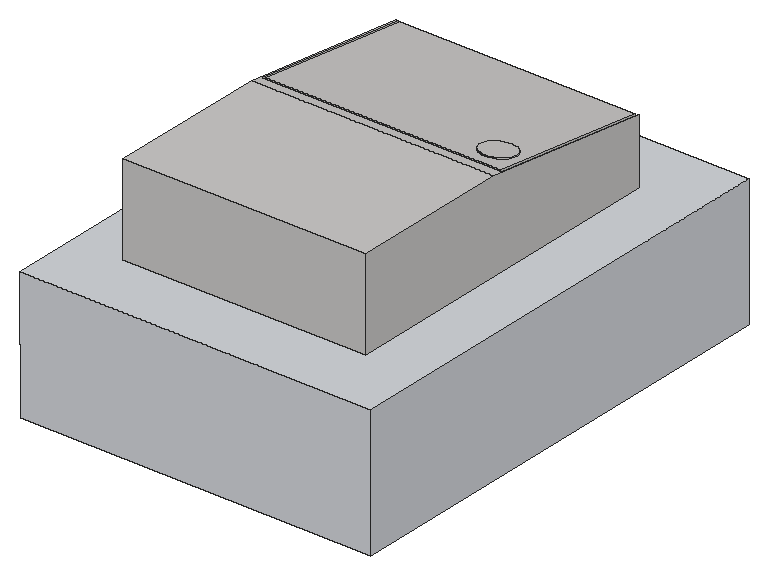
Revit family
Parameters
  Width = 10 3/4"
  Warranty Information = "Complete unit, excepting mirrors warranted for one year.\r\n Stainless steel mirror frames for fifteen years.\r\n Plate glass mirrors for fifteen years.\r\n This warranty does not cover installation or any other labor charges and does not apply to any units,\r\n which have been damaged by accident, abuse, improper installation, improper maintenance, or altered in any way."
  Version = "1.0"
  URL = "http://www.bradleycorp.com/"
  Type Comments = "Surface-Mounted"
  OmniClass Title = "Sanitary Napkin and Tampon Dispensers,Disposal Units"
  OmniClass Code = "23.40.20.21.24"
  Modeling Code = ""
  Model = "4722-150000"
  MasterFormat Title = "Commercial Toilet Accessories"
  MasterFormat Number = "10 28 13. 13"
  Manufacturer = "Bradley Corporation"
  Industry Standards = ""
  Height = 15 1/8"
  Fire Rating = "n/a"
  Description = "Napkin Disposal, 1.5 Gallons, Surface-Mounted"
  Depth of which projects [instance] = 4"
  Depth = 4"
  Default Elevation = 48"
  Copyright = "This Model Data is Property of Bradley Corporation"
  Cabinet Material = Bradley Corp Stainless Steel - Satin
  Buy American Act = "Yes"
  Assembly Code = "E1090200"
  ADA Compliant = "No"
Reference planes (in)
  plane 1 "Center (Front/Back)": y = 0
  plane 2: z = 0
  plane 3 "Center (Left/Right)": x = 0
  plane 4 "Front": z = 4
  plane 5 "Back": z = 0
  plane 6 "Center (Elevation)": y = -0.4625
  plane 7 "Top": y = 7.5625
  plane 8 "Bottom": y = -7.5625
  plane 9 "Left": x = -5.375
  plane 10 "Right": x = 5.375
Forms (in)
  Extrusion 1, solid
    sketch origin (0, 0, 0) x (1, 0, 0) y (0, 1, 0)
      loop
        line (-7.625, 10.4375) -> (-7.625, -10.45168) -> (7.93108, -10.45168) -> (7.93108, 10.4375) -> (-7.625, 10.4375)
    from 0 to -5.7989
  Extrusion 2, solid, material "Bradley Corp Stainless Steel - Satin" <- "Cabinet Material", detail levels fine
    sketch origin (6.375, 0, 0) x (0, 1, 0) y (0, 0, 1)
      loop
        line (-7.5625, 4) -> (-7.5625, 0) -> (7.5625, 0) -> (7.5625, 2.87216) -> (-0.4625, 4) -> (-7.5625, 4)
    from -11.75 to -1
  Extrusion 3, void
    sketch origin (6.375, 8.30924, 2.76721) x (0, 0.990268, -0.139173) y (1, 0, 0)
      loop
        line (-8.35794, -11.6875) -> (-0.72316, -11.6875) -> (-0.72316, -11.58594) -> (-8.25638, -11.58594) -> (-8.25638, -1.16406) -> (-0.72316, -1.16406) -> (-0.72316, -1.0625) -> (-8.35794, -1.0625) -> (-8.35794, -11.6875)
    from -0.5 to 0.5
  Extrusion 4, solid, material "Bradley Corp Stainless Steel - Satin" <- "Cabinet Material", detail levels coarse+medium
    sketch origin (6.375, 0, 0) x (0, 1, 0) y (0, 0, 1)
      loop
        line (7.5625, 0) -> (7.5625, 2.87216) -> (-0.4625, 4) -> (-7.5625, 4) -> (-7.5625, 0) -> (7.5625, 0)
    from -11.75 to -1
  Extrusion 5, solid, material "Bradley Corp Stainless Steel - Satin" <- "Cabinet Material", detail levels fine
    sketch origin (-0.40564, -16.75972, 5.78551) x (0, 0.990268, -0.139173) y (-1, 0, 0)
      loop
        circle (18.25, -4.5) r 0.75
    from 0.5 to 0.53125
Cuts and joins
  Extrusion 3 cuts Extrusion 2
Lines and regions (in)
  Split face 1
    outline origin (-0.40564, -16.68579, 6.31159) x (0, 0.990268, -0.139173) y (-1, 0, 0)
      loop
        line (18.38475, -4.10487) -> (17.64205, -4.20925) -> (17.64205, -4.76856) -> (18.38475, -4.87294) -> (18.38475, -4.83903) -> (17.69085, -4.7415) -> (17.69085, -4.23631) -> (18.38475, -4.13879) -> (18.38475, -4.10487)
  Split face 2
    outline origin (-0.40564, -16.68579, 6.31159) x (0, 0.990268, -0.139173) y (-1, 0, 0)
      loop
        line (18.27182, -4.25749) -> (18.00475, -4.52457)
        arc (18.00475, -4.52457) -> (18.1936, -4.60279) -> (18.27182, -4.79164) r 0.26708
        line (18.27182, -4.79164) -> (18.5389, -4.52457)
        arc (18.5389, -4.52457) -> (18.46067, -4.33572) -> (18.27182, -4.25749) r 0.26708
  Split face 3
    outline origin (-0.40564, -16.68579, 6.31159) x (0, 0.990268, -0.139173) y (-1, 0, 0)
      loop
        arc (18.87521, -4.8477) -> (18.91749, -4.63008) -> (18.87521, -4.41246) r 0.58124
        arc (18.87521, -4.41246) -> (18.73215, -4.27428) -> (18.53373, -4.28817) r 0.24445
        arc (18.53373, -4.28817) -> (18.71378, -4.41336) -> (18.76984, -4.62537) r 0.31771
        arc (18.76984, -4.62537) -> (18.69183, -4.57543) -> (18.64189, -4.49742) r 0.21615
        arc (18.64189, -4.49742) -> (18.67952, -4.70986) -> (18.78891, -4.89583) r 0.60851
        line (18.78891, -4.89583) -> (18.87521, -4.8477)
  model lines, detail levels medium
    curve 1: line (-5.3125, 7.5625, 2.87216) -> (-5.3125, 0.03263, 3.93041)
    curve 2: line (-5.3125, 0.03263, 3.93041) -> (5.3125, 0.03263, 3.93041)
    curve 3: line (5.3125, 0.03263, 3.93041) -> (5.3125, 7.5625, 2.87216)
  model lines, detail levels medium+fine
    curve 4: line (5.3125, -0.4625, 4) -> (5.3125, -7.34868, 4)
    curve 5: line (5.3125, -7.34868, 4) -> (-5.3125, -7.34868, 4)
    curve 6: line (-5.3125, -7.34868, 4) -> (-5.3125, -0.4625, 4)
    curve 7: circle (0, -1.22778, 4) r 0.45313 normal (0, 0, 1)
  model lines, detail levels fine
    curve 8: circle (0, -1.22778, 4) r 0.30078 normal (0, 0, 1)
    curve 9: circle (4.09436, 1.38647, 0) r 0.75 normal (0, 0, 1)
Dimensions and locks (in)
  "Depth": plane 4 "Front" to plane 5 "Back"
  Extrusion 3 to Extrusion 2 to Extrusion 3 = 1/2" locked, 1/2" locked
  "Depth of which projects": plane 4 "Front" to plane 2
  "Width": plane 9 "Left" to plane 10 "Right"
  "Height": plane 8 "Bottom" to plane 7 "Top"
  equal spacing: plane 8 "Bottom", plane 1 "Center (Front/Back)", plane 7 "Top"
  equal spacing: plane 9 "Left", plane 3 "Center (Left/Right)", plane 10 "Right"
  locked: plane 9 "Left" to curve 8 at 5.375
  locked: plane 9 "Left" to curve 7 at 5.375
  aligned and locked: plane 2 to Extrusion 1
  aligned and locked: level to Extrusion 1
  aligned and locked: plane 6 "Center (Elevation)" to Extrusion 4 sketch curve
  aligned and locked: plane 4 "Front" to Extrusion 4 sketch curve
  aligned and locked: Extrusion 2 sketch curve to Extrusion 4
  aligned and locked: Extrusion 5 to Extrusion 4
Automatic sketch dimensions
  curve 9 to plane 1 "Center (Front/Back)" = 1.38647"
  Extrusion 1 sketch curve to Extrusion 1 sketch curve = 15.55608"
  Extrusion 1 sketch curve to Extrusion 1 sketch curve = 20.88918"
  Extrusion 3 sketch curve to Extrusion 2 = 1/16"  (x2)
  Extrusion 3 sketch curve to Extrusion 2 = 1/2"
  Extrusion 3 sketch curve to Extrusion 3 sketch curve = 13/128"  (x2)
  Extrusion 2 to Extrusion 3 sketch curve = 0.03091"  (x2)
  Extrusion 3 sketch curve to Extrusion 2 = 21/128"
  curve 3 to Extrusion 2 = 0"
  curve 1 to Extrusion 2 = 0"
  Extrusion 2 to curve 2 = 1/16"
  Extrusion 2 to curve 2 = 1/2"
  Extrusion 2 to curve 1 = 1/16"
  curve 7 to curve 8 = 0"
  curve 8 to plane 6 "Center (Elevation)" = 0.76528"
  Extrusion 2 sketch curve to plane 4 "Front" = 0"
  Extrusion 2 sketch curve to plane 5 "Back" = 0"
  curve 6 to plane 6 "Center (Elevation)" = 0"
  curve 4 to plane 6 "Center (Elevation)" = 0"
  Extrusion 4 sketch curve to level = 0"
  Extrusion 4 sketch curve to plane 4 "Front" = 1.12784"
  Split face 1 sketch curve to Split face 1 sketch curve = 0.0488"
  Split face 1 sketch curve to Split face 1 sketch curve = 0.6939"  (x2)
  Split face 1 sketch curve to Split face 1 sketch curve = 0.03392"  (x2)
  Split face 1 sketch curve to Split face 1 sketch curve = 0.07046"
  Split face 1 sketch curve to Split face 1 sketch curve = 0.02706"  (x2)
  Split face 1 sketch curve to Split face 1 sketch curve = 0.50519"
  Split face 1 sketch curve to Split face 1 sketch curve = 0.70023"
  Split face 2 sketch curve to Split face 2 sketch curve = 0.26708"  (x4)
  Split face 3 sketch curve to Split face 3 sketch curve = 0.11727"
  Split face 3 sketch curve to Split face 3 sketch curve = 0.0802"
  Split face 3 sketch curve to Split face 3 sketch curve = 0.18836"
  Split face 3 sketch curve to Split face 3 sketch curve = 0.00666"
  Split face 3 sketch curve to Split face 3 sketch curve = 0.1213"
  Split face 3 sketch curve to Split face 3 sketch curve = 0.01907"
  Split face 3 sketch curve to Split face 3 sketch curve = 0.19613"
  Split face 3 sketch curve to Split face 3 sketch curve = 0.0863"
  Split face 3 sketch curve to Split face 3 sketch curve = 0.03054"
  Split face 3 sketch curve to Split face 3 sketch curve = 0"
  Split face 3 sketch curve to Split face 3 sketch curve = 0.37518"
  Split face 3 sketch curve to Split face 3 sketch curve = 0.04813"
  Split face 3 sketch curve to Split face 3 sketch curve = 0.26575"
  Split face 3 sketch curve to Split face 3 sketch curve = 0.12138"
  Split face 3 sketch curve to Split face 3 sketch curve = 0.08673"
  Extrusion 2 sketch curve to plane 1 "Center (Front/Back)" = 7 9/16"
  Extrusion 4 sketch curve to plane 1 "Center (Front/Back)" = 7 9/16"
  Extrusion 2 sketch curve to plane 6 "Center (Elevation)" = 7.1"
  Extrusion 4 sketch curve to plane 6 "Center (Elevation)" = 7.1"
  curve 6 to curve 7 = 6.1209"
  curve 7 to curve 6 = 5 5/16"
  plane 3 "Center (Left/Right)" to curve 9 = 4.09436"
  plane 3 "Center (Left/Right)" to Extrusion 5 sketch curve = 4.09436"
  plane 3 "Center (Left/Right)" to curve 4 = 5 5/16"
  radius of curve 9 = 3/4"
  radius of curve 7 = 29/64"
  radius of curve 8 = 77/256"
  radius of Extrusion 5 sketch curve = 3/4"
